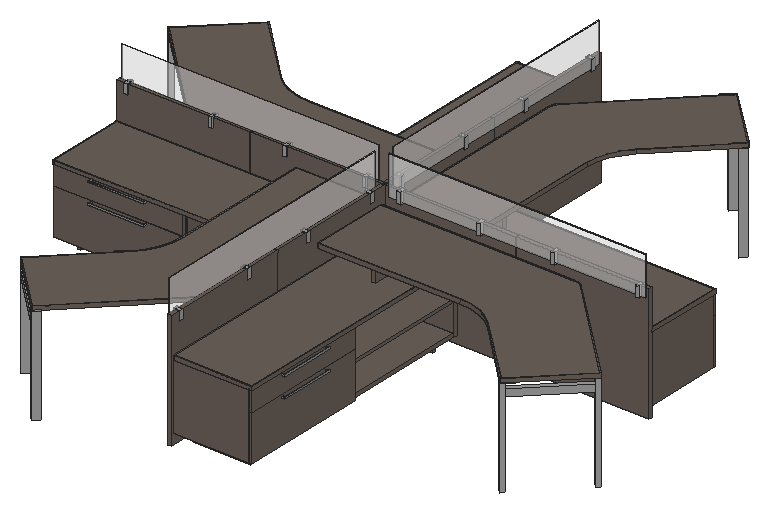
Revit family "STAKS014", category Furniture, Revit 2013 (continued)
Definition of nested family "FIRST OFFICE-STAKS-PEDESTALS-LOW HEIGHT W-I BEAM-16W TO 36W"
  Dimensions and locks (in)
    aligned and locked: Extrusion 5 to plane 15
    aligned and locked: Extrusion 6 sketch curve to plane 16
    aligned and locked: Extrusion 6 sketch curve to plane 14
    aligned and locked: plane 15 to Extrusion 6 sketch curve
    aligned and locked: plane 11 to Extrusion 6 sketch curve
    aligned and locked: Extrusion 7 to plane 16
    aligned and locked: plane 15 to Extrusion 7
    aligned and locked: Extrusion 6 to Extrusion 7
    aligned and locked: Extrusion 4 to plane 17 "BACK"
    aligned and locked: Extrusion 5 to plane 18
    aligned and locked: Extrusion 8 to Extrusion 9
    aligned and locked: Extrusion 10 to Extrusion 11
    aligned: Extrusion 11 to Extrusion 10
    aligned: Extrusion 11 to plane 1
    aligned and locked: Extrusion 12 to plane 12
    aligned and locked: Extrusion 9 to plane 16
    aligned and locked: plane 15 to Extrusion 9
    aligned and locked: Extrusion 12 to plane 5 "CABINET FRONT"
    aligned and locked: plane 7 "DRAWER FRONT" to Extrusion 12
    aligned and locked: plane 9 to Extrusion 12
    aligned and locked: Extrusion 12 to plane 8
    aligned and locked: plane 5 "CABINET FRONT" to Extrusion 13
    aligned and locked: Extrusion 13 to Extrusion 11
    aligned and locked: Extrusion 14 to plane 16
    aligned and locked: plane 15 to Extrusion 14
    aligned and locked: Extrusion 14 to Extrusion 13
    aligned and locked: Extrusion 14 to plane 17 "BACK"
    aligned and locked: Masking region 3 to Extrusion 15  (x2)
    aligned and locked: Masking region 4 to Extrusion 16  (x2)
    aligned and locked: Extrusion 17 to Extrusion 14
    aligned and locked: plane 5 "CABINET FRONT" to Extrusion 17
    aligned and locked: Extrusion 18 to plane 8
    aligned and locked: plane 9 to Extrusion 19
    aligned and locked: Extrusion 19 to plane 22
    aligned and locked: plane 21 to Extrusion 18
    aligned and locked: Extrusion 18 to plane 10
    aligned and locked: Extrusion 19 to plane 10
    aligned: plane 11 to Extrusion 19
    aligned: plane 11 to Extrusion 18
    aligned and locked: Extrusion 18 to plane 5 "CABINET FRONT"
    aligned and locked: Extrusion 19 to plane 5 "CABINET FRONT"
    aligned and locked: plane 7 "DRAWER FRONT" to Extrusion 18
    aligned and locked: plane 7 "DRAWER FRONT" to Extrusion 19
    aligned and locked: Extrusion 21 to plane 16
    aligned and locked: plane 15 to Extrusion 21
    aligned and locked: plane 15 to cut or joined group of Extrusion 17, Extrusion 20, Extrusion 21
    aligned and locked: cut or joined group of Extrusion 17, Extrusion 20, Extrusion 21 to plane 16
    aligned and locked: plane 11 to Extrusion 22
    aligned and locked: Extrusion 22 to plane 14
    aligned and locked: Extrusion 22 to Extrusion 14
    aligned and locked: plane 5 "CABINET FRONT" to Extrusion 22
    aligned and locked: cut or joined group of Extrusion 21, Extrusion 22 to plane 16
    aligned and locked: plane 15 to cut or joined group of Extrusion 21, Extrusion 22
    aligned and locked: plane 14 to Extrusion 23
    aligned and locked: Extrusion 23 to cut or joined group of Extrusion 17, Extrusion 20, Extrusion 21
    aligned and locked: cut or joined group of Extrusion 21, Extrusion 22 to Extrusion 23
    aligned and locked: Extrusion 24 to plane 16
    aligned and locked: plane 15 to Extrusion 24
    aligned and locked: Extrusion 24 to Extrusion 14
    aligned: cut or joined group of Extrusion 17, Extrusion 20, Extrusion 21 to plane 1
    aligned and locked: Extrusion 25 to Extrusion 14
    aligned and locked: Extrusion 1 to plane 5 "CABINET FRONT"
    aligned: Extrusion 25 to plane 1
    aligned and locked: Extrusion 25 to cut or joined group of Extrusion 17, Extrusion 20, Extrusion 21
    aligned and locked: Extrusion 30 to Extrusion 14
    aligned and locked: plane 5 "CABINET FRONT" to Extrusion 30
    aligned and locked: Extrusion 30 to plane 16
    aligned and locked: plane 15 to Extrusion 30
    aligned and locked: plane 6 "PEDESTAL TOP" to Extrusion 30
    aligned and locked: Extrusion 30 to plane 27
    aligned: Extrusion 28 to plane 1
    aligned and locked: plane 6 "PEDESTAL TOP" to Extrusion 28
    aligned and locked: plane 6 "PEDESTAL TOP" to Extrusion 27
    aligned: Extrusion 27 to plane 1
    aligned: Extrusion 29 to plane 1
    aligned and locked: plane 6 "PEDESTAL TOP" to Extrusion 29
    aligned and locked: Extrusion 28 to plane 17 "BACK"
    aligned and locked: plane 5 "CABINET FRONT" to Extrusion 28
    aligned and locked: plane 5 "CABINET FRONT" to Extrusion 27
    aligned and locked: Extrusion 27 to plane 17 "BACK"
    aligned and locked: Extrusion 29 to plane 16
    aligned and locked: plane 15 to Extrusion 29
    aligned and locked: Extrusion 28 to plane 15
    aligned and locked: plane 4 "Right" to Extrusion 28
    aligned and locked: plane 16 to Extrusion 27
    aligned and locked: Extrusion 27 to plane 3 "Left"
    aligned and locked: Extrusion 29 to Extrusion 30
    aligned and locked: Extrusion 29 to plane 17 "BACK"
    aligned and locked: plane 6 "PEDESTAL TOP" to Extrusion 18
    aligned and locked: plane 6 "PEDESTAL TOP" to Extrusion 19
    aligned and locked: plane 6 "PEDESTAL TOP" to Extrusion 12
    aligned and locked: plane 6 "PEDESTAL TOP" to Extrusion 31
    aligned: Extrusion 31 to plane 1
    aligned: Extrusion 32 to plane 1
    aligned and locked: plane 6 "PEDESTAL TOP" to Extrusion 32
    aligned and locked: plane 6 "PEDESTAL TOP" to Extrusion 33
    aligned: Extrusion 33 to plane 1
    aligned and locked: plane 5 "CABINET FRONT" to Extrusion 31
    aligned and locked: plane 5 "CABINET FRONT" to Extrusion 32
    aligned and locked: Extrusion 32 to plane 17 "BACK"
    aligned and locked: plane 15 to Extrusion 33
    aligned and locked: Extrusion 33 to plane 16
    aligned and locked: Extrusion 31 to plane 17 "BACK"
    aligned and locked: plane 16 to Extrusion 31
    aligned and locked: Extrusion 33 to Extrusion 30
    aligned and locked: Extrusion 33 to plane 17 "BACK"
    aligned and locked: Extrusion 32 to plane 15
    aligned and locked: plane 4 "Right" to Extrusion 32
    aligned and locked: Extrusion 26 to Extrusion 34
    aligned and locked: Extrusion 34 to Extrusion 26
    aligned and locked: Extrusion 35 to plane 25
    aligned and locked: plane 26 to Extrusion 35
    aligned and locked: Extrusion 29 to plane 28
    aligned and locked: Extrusion 11 to plane 28
    aligned and locked: Extrusion 10 to plane 28
    aligned and locked: Extrusion 33 to plane 28
    aligned and locked: Extrusion 25 to plane 28
    aligned and locked: Extrusion 31 to plane 28
    aligned and locked: Extrusion 28 to plane 28
    aligned and locked: Extrusion 27 to plane 28
    aligned and locked: Extrusion 2 to plane 28
    aligned and locked: cut or joined group of Extrusion 17, Extrusion 20, Extrusion 21 to plane 28
    aligned and locked: Extrusion 32 to plane 28
  Automatic sketch dimensions
    Extrusion 1 sketch curve to plane 7 "DRAWER FRONT" = 0' - 0"
    Extrusion 1 sketch curve to plane 5 "CABINET FRONT" = 0' - 0"
    level to Extrusion 2 sketch curve = 0' - 3"
    Extrusion 2 sketch curve to plane 3 "Left" = 0' - 0"
    Extrusion 2 sketch curve to plane 11 = 0' - 0"
    Extrusion 2 sketch curve to plane 16 = 0' - 0"
    Extrusion 3 sketch curve to plane 11 = 0' - 0"
    Extrusion 3 sketch curve to plane 19 = 0' - 0"
    Extrusion 3 sketch curve to plane 6 "PEDESTAL TOP" = 0' - 0"
    Extrusion 3 sketch curve to plane 16 = 0' - 0"
    level to Extrusion 4 sketch curve = 0' - 3"
    Extrusion 4 sketch curve to plane 15 = 0' - 0"
    Extrusion 4 sketch curve to plane 4 "Right" = 0' - 0"
    Extrusion 4 sketch curve to plane 11 = 0' - 0"
    Extrusion 5 sketch curve to plane 11 = 0' - 0"
    Extrusion 5 sketch curve to plane 15 = 0' - 0"
    Extrusion 5 sketch curve to plane 6 "PEDESTAL TOP" = 0' - 0"
    Extrusion 5 sketch curve to plane 20 = 0' - 0"
    Extrusion 7 sketch curve to plane 11 = 0' - 0"
    Extrusion 7 sketch curve to plane 6 "PEDESTAL TOP" = 0' - 0"
    Extrusion 7 sketch curve to plane 5 "CABINET FRONT" = 0' - 3"
    Extrusion 7 sketch curve to Extrusion 7 sketch curve = 0' - 0 5/8"
    Extrusion 8 sketch curve to plane 14 = 0' - 0"
    Extrusion 8 sketch curve to plane 16 = 0' - 0"
    Extrusion 8 sketch curve to plane 11 = 0' - 0"
    Extrusion 8 sketch curve to plane 15 = 0' - 0"
    Extrusion 9 sketch curve to plane 11 = 0' - 0"
    Extrusion 9 sketch curve to plane 6 "PEDESTAL TOP" = 0' - 0"
    plane 18 to Extrusion 9 sketch curve = 0' - 6.87495"
    Extrusion 9 sketch curve to Extrusion 9 sketch curve = 0' - 0 5/8"
    level to Extrusion 10 sketch curve = 0' - 3"
    Extrusion 10 sketch curve to plane 16 = 0' - 0"
    Extrusion 10 sketch curve to plane 15 = 0' - 0"
    plane 10 to Extrusion 10 sketch curve = 0' - 0 11/16"
    level to Extrusion 11 sketch curve = 0' - 3"
    Extrusion 11 sketch curve to plane 16 = 0' - 0"
    Extrusion 11 sketch curve to plane 15 = 0' - 0"
    plane 10 to Extrusion 11 sketch curve = 0' - 0 11/16"
    Extrusion 12 sketch curve to plane 6 "PEDESTAL TOP" = 0' - 0"
    Extrusion 12 sketch curve to plane 7 "DRAWER FRONT" = 0' - 0"
    Extrusion 12 sketch curve to plane 5 "CABINET FRONT" = 0' - 0"
    Extrusion 12 sketch curve to plane 12 = 0' - 0"
    Extrusion 13 sketch curve to plane 16 = 0' - 0"
    Extrusion 13 sketch curve to plane 15 = 0' - 0"
    Extrusion 13 sketch curve to plane 13 = 0' - 0.37505"
    plane 12 to Extrusion 13 sketch curve = 0' - 0.24995"
    level to Extrusion 14 sketch curve = 0' - 3"
    Extrusion 14 sketch curve to plane 11 = 0' - 0"
    Extrusion 14 sketch curve to plane 17 "BACK" = 0' - 0"
    plane 18 to Extrusion 14 sketch curve = 0' - 0 5/8"
    plane 7 "DRAWER FRONT" to Masking region 1 sketch curve = 0' - 0"
    Masking region 1 sketch curve to plane 8 = 0' - 0"
    plane 5 "CABINET FRONT" to Masking region 1 sketch curve = 0' - 0"
    Masking region 1 sketch curve to plane 9 = 0' - 0"
    Masking region 2 sketch curve to plane 3 "Left" = 0' - 0"
    Masking region 2 sketch curve to plane 4 "Right" = 0' - 0"
    plane 5 "CABINET FRONT" to Masking region 2 sketch curve = 0' - 0"
    plane 17 "BACK" to Masking region 2 sketch curve = 0' - 0"
    plane 7 "DRAWER FRONT" to Masking region 3 sketch curve = 0' - 0"  (x2)
    plane 25 to Masking region 3 sketch curve = 0' - 0 7/8"
    Masking region 3 sketch curve to Masking region 3 sketch curve = 0' - 0 3/8"  (x2)
    plane 7 "DRAWER FRONT" to Masking region 3 sketch curve = 0' - 0 13/16"
    plane 23 to Masking region 3 sketch curve = 0' - 2 11/32"
    Masking region 3 sketch curve to Masking region 3 sketch curve = 0' - 0 3/16"
    plane 7 "DRAWER FRONT" to Extrusion 15 sketch curve = 0' - 0"  (x2)
    plane 25 to Extrusion 15 sketch curve = 0' - 0 7/8"
    Extrusion 15 sketch curve to Extrusion 15 sketch curve = 0' - 0 3/8"  (x2)
    plane 7 "DRAWER FRONT" to Extrusion 15 sketch curve = 0' - 0 13/16"
    plane 23 to Extrusion 15 sketch curve = 0' - 2 11/32"
    Extrusion 15 sketch curve to Extrusion 15 sketch curve = 0' - 0 3/16"
    plane 7 "DRAWER FRONT" to Masking region 4 sketch curve = 0' - 0"  (x2)
    Masking region 4 sketch curve to plane 24 = 0' - 2 23/32"
    Masking region 4 sketch curve to Masking region 4 sketch curve = 0' - 0 3/8"  (x2)
    Masking region 4 sketch curve to plane 26 = 0' - 1.25025"
    Masking region 4 sketch curve to Masking region 4 sketch curve = 0' - 0 13/16"
    Masking region 4 sketch curve to Masking region 4 sketch curve = 0' - 0 3/16"
    plane 7 "DRAWER FRONT" to Extrusion 16 sketch curve = 0' - 0"  (x2)
    Extrusion 16 sketch curve to plane 24 = 0' - 2 23/32"
    Extrusion 16 sketch curve to Extrusion 16 sketch curve = 0' - 0 3/8"  (x2)
    Extrusion 16 sketch curve to plane 26 = 0' - 1.25025"
    Extrusion 16 sketch curve to Extrusion 16 sketch curve = 0' - 0 13/16"
    Extrusion 16 sketch curve to Extrusion 16 sketch curve = 0' - 0 3/16"
    level to Extrusion 17 sketch curve = 0' - 3"
    Extrusion 17 sketch curve to plane 16 = 0' - 0"
    Extrusion 17 sketch curve to plane 15 = 0' - 0"
    plane 10 to Extrusion 17 sketch curve = 0' - 0 15/16"
    Extrusion 18 sketch curve to plane 6 "PEDESTAL TOP" = 0' - 0"
    Extrusion 18 sketch curve to plane 7 "DRAWER FRONT" = 0' - 0"
    Extrusion 18 sketch curve to plane 5 "CABINET FRONT" = 0' - 0"
    Extrusion 18 sketch curve to plane 10 = 0' - 0"
    Extrusion 19 sketch curve to plane 6 "PEDESTAL TOP" = 0' - 0"
    Extrusion 19 sketch curve to plane 7 "DRAWER FRONT" = 0' - 0"
    Extrusion 19 sketch curve to plane 5 "CABINET FRONT" = 0' - 0"
    Extrusion 19 sketch curve to plane 10 = 0' - 0"
    plane 7 "DRAWER FRONT" to Masking region 5 sketch curve = 0' - 0"
    Masking region 5 sketch curve to plane 8 = 0' - 0"
    plane 5 "CABINET FRONT" to Masking region 5 sketch curve = 0' - 0"
    Masking region 5 sketch curve to plane 21 = 0' - 0"
    Extrusion 20 sketch curve to plane 5 "CABINET FRONT" = 0' - 0 3/8"
    Extrusion 20 sketch curve to Extrusion 20 sketch curve = 0' - 0 5/16"
    plane 10 to Extrusion 20 sketch curve = 0' - 0 9/16"
    Extrusion 20 sketch curve to Extrusion 20 sketch curve = 0' - 0 3/8"
    Extrusion 21 sketch curve to plane 14 = 0' - 0"
    Extrusion 21 sketch curve to plane 5 "CABINET FRONT" = 0' - 0 3/8"
    Extrusion 21 sketch curve to Extrusion 21 sketch curve = 0' - 0 5/16"
    plane 27 to Extrusion 21 sketch curve = 0' - 0 1/4"
    Extrusion 22 sketch curve to plane 14 = 0' - 0"
    Extrusion 22 sketch curve to plane 16 = 0' - 0"
    Extrusion 22 sketch curve to plane 11 = 0' - 0"
    Extrusion 22 sketch curve to plane 15 = 0' - 0"
    Extrusion 23 sketch curve to plane 14 = 0' - 0"
    Extrusion 23 sketch curve to plane 21 = 0' - 0 5/16"
    plane 22 to Extrusion 23 sketch curve = 0' - 0 5/16"
    plane 10 to Extrusion 23 sketch curve = 0' - 0 15/16"
    Extrusion 24 sketch curve to plane 16 = 0' - 0"
    Extrusion 24 sketch curve to plane 15 = 0' - 0"
    Extrusion 24 sketch curve to plane 13 = 0' - 3.87495"
    Extrusion 24 sketch curve to Extrusion 24 sketch curve = 0' - 0 3/4"
    level to Extrusion 25 sketch curve = 0' - 3"
    Extrusion 25 sketch curve to plane 16 = 0' - 0"
    Extrusion 25 sketch curve to plane 15 = 0' - 0"
    plane 10 to Extrusion 25 sketch curve = 0' - 0 15/16"
    plane 7 "DRAWER FRONT" to Masking region 6 sketch curve = 0' - 0"
    Masking region 6 sketch curve to plane 22 = 0' - 0"
    plane 5 "CABINET FRONT" to Masking region 6 sketch curve = 0' - 0"
    Masking region 6 sketch curve to plane 9 = 0' - 0"
    plane 7 "DRAWER FRONT" to Extrusion 26 sketch curve = 0' - 0"  (x2)
    Extrusion 26 sketch curve to plane 21 = 0' - 2 21/32"
    Extrusion 26 sketch curve to Extrusion 26 sketch curve = 0' - 0 3/8"  (x2)
    plane 7 "DRAWER FRONT" to Extrusion 26 sketch curve = 0' - 0 13/16"
    plane 22 to Extrusion 26 sketch curve = 0' - 2 9/32"
    Extrusion 26 sketch curve to Extrusion 26 sketch curve = 0' - 0 3/16"
    level to Extrusion 27 sketch curve = 0' - 3"
    Extrusion 27 sketch curve to plane 3 "Left" = 0' - 0"
    Extrusion 27 sketch curve to plane 6 "PEDESTAL TOP" = 0' - 0"
    Extrusion 27 sketch curve to plane 16 = 0' - 0"
    level to Extrusion 28 sketch curve = 0' - 3"
    Extrusion 28 sketch curve to plane 15 = 0' - 0"
    Extrusion 28 sketch curve to plane 4 "Right" = 0' - 0"
    Extrusion 28 sketch curve to plane 6 "PEDESTAL TOP" = 0' - 0"
    level to Extrusion 29 sketch curve = 0' - 3"
    Extrusion 29 sketch curve to plane 6 "PEDESTAL TOP" = 0' - 0"
    Extrusion 29 sketch curve to plane 17 "BACK" = 0' - 0"
    plane 18 to Extrusion 29 sketch curve = 0' - 0 5/8"
    Extrusion 30 sketch curve to plane 16 = 0' - 0"
    Extrusion 30 sketch curve to plane 6 "PEDESTAL TOP" = 0' - 0"
    Extrusion 30 sketch curve to plane 15 = 0' - 0"
    Extrusion 30 sketch curve to plane 27 = 0' - 0"
    level to Extrusion 31 sketch curve = 0' - 3"
    Extrusion 31 sketch curve to plane 3 "Left" = 0' - 0"
    Extrusion 31 sketch curve to plane 6 "PEDESTAL TOP" = 0' - 0"
    Extrusion 31 sketch curve to plane 16 = 0' - 0"
    level to Extrusion 32 sketch curve = 0' - 3"
    Extrusion 32 sketch curve to plane 15 = 0' - 0"
    Extrusion 32 sketch curve to plane 4 "Right" = 0' - 0"
    Extrusion 32 sketch curve to plane 6 "PEDESTAL TOP" = 0' - 0"
    level to Extrusion 33 sketch curve = 0' - 3"
    Extrusion 33 sketch curve to plane 6 "PEDESTAL TOP" = 0' - 0"
    Extrusion 33 sketch curve to plane 17 "BACK" = 0' - 0"
    plane 18 to Extrusion 33 sketch curve = 0' - 0 5/8"
    plane 7 "DRAWER FRONT" to Extrusion 34 sketch curve = 0' - 0"  (x2)
    Extrusion 34 sketch curve to plane 21 = 0' - 2 21/32"
    Extrusion 34 sketch curve to Extrusion 34 sketch curve = 0' - 0 3/8"  (x2)
    plane 7 "DRAWER FRONT" to Extrusion 34 sketch curve = 0' - 0 13/16"
    plane 22 to Extrusion 34 sketch curve = 0' - 2 9/32"
    Extrusion 34 sketch curve to Extrusion 34 sketch curve = 0' - 0 3/16"
    plane 7 "DRAWER FRONT" to Extrusion 35 sketch curve = 0' - 0"  (x2)
    Extrusion 35 sketch curve to plane 25 = 0' - 0"
    Extrusion 35 sketch curve to plane 26 = 0' - 0"
    plane 25 to Extrusion 35 sketch curve = 0' - 0 3/8"
    Extrusion 35 sketch curve to plane 26 = 0' - 0 3/8"
    Extrusion 35 sketch curve to Extrusion 35 sketch curve = 0' - 0 13/16"
    Extrusion 35 sketch curve to Extrusion 35 sketch curve = 0' - 0 3/16"
    plane 7 "DRAWER FRONT" to Extrusion 36 sketch curve = 0' - 0"  (x2)
    Extrusion 36 sketch curve to plane 25 = 0' - 0"
    Extrusion 36 sketch curve to plane 26 = 0' - 0"
    plane 25 to Extrusion 36 sketch curve = 0' - 0 3/8"
    Extrusion 36 sketch curve to plane 26 = 0' - 0 3/8"
    Extrusion 36 sketch curve to Extrusion 36 sketch curve = 0' - 0 13/16"
    Extrusion 36 sketch curve to Extrusion 36 sketch curve = 0' - 0 3/16"
    Masking region 7 sketch curve to plane 25 = 0' - 0"
    plane 7 "DRAWER FRONT" to Masking region 7 sketch curve = 0' - 0"  (x2)
    Masking region 7 sketch curve to plane 26 = 0' - 0"
    Masking region 7 sketch curve to Masking region 7 sketch curve = 0' - 0 3/8"
    Masking region 7 sketch curve to plane 26 = 0' - 0 3/8"
    Masking region 7 sketch curve to Masking region 7 sketch curve = 0' - 0 13/16"
    Masking region 7 sketch curve to Masking region 7 sketch curve = 0' - 0 3/16"
    plane 7 "DRAWER FRONT" to Masking region 8 sketch curve = 0' - 0"  (x2)
    plane 23 to Masking region 8 sketch curve = 0' - 1 7/16"
    Masking region 8 sketch curve to Masking region 8 sketch curve = 0' - 0 3/8"  (x2)
    plane 7 "DRAWER FRONT" to Masking region 8 sketch curve = 0' - 0 13/16"
    Masking region 8 sketch curve to plane 24 = 0' - 1.81225"
    Masking region 8 sketch curve to Masking region 8 sketch curve = 0' - 0 3/16"
Definition of nested family "FIRST OFFICE-STAKS-WORKSURFACE-RECTANGULAR LONG-GRAIN"
  Parameters (values of type "FIRST OFFICE-STAKS-WORKSURFACE-RECTANGULAR LG 15.625 X 22")
    URL = "http://www.firstoffice.com/products/crossover/staks/"
    SURFACE DEPTH = 1' - 10"
    Model = "6-MCT-15.625/22"
    Manufacturer = "FIRST OFFICE-STAKS"
    MANUFACTURERS' CODE = "FOF"
    ENVIRONMENTAL = "http://www.firstoffice.com/products/crossover/staks/"
    Description = "15.625 X 22 RECTANGULAR WORKSURFACE LONG GRAIN"
    SURFACE WIDTH = 1' - 3 5/8"
    CATALOG CODE = "FST"
    Assembly Code = ""
  Types (53): name | SURFACE DEPTH | Model | Description | SURFACE WIDTH
    FIRST OFFICE-STAKS-WORKSURFACE-RECTANGULAR LG 15.625 X 22 | 1' - 10" | "6-MCT-15.625/22" | "15.625 X 22 RECTANGULAR WORKSURFACE LONG GRAIN" | 1' - 3 5/8"
    FIRST OFFICE-STAKS-WORKSURFACE-RECTANGULAR LG 24 X 22 | 1' - 10" | "6-MCT-24/22" | "24 X 22 RECTANGULAR WORKSURFACE LONG GRAIN" | 2' - 0"
    FIRST OFFICE-STAKS-WORKSURFACE-RECTANGULAR LG 30 X 22 | 1' - 10" | "6-MCT-30/22" | "30 X 22 RECTANGULAR WORKSURFACE LONG GRAIN" | 2' - 6"
    FIRST OFFICE-STAKS-WORKSURFACE-RECTANGULAR LG 34 X 22 | 1' - 10" | "6-MCT-34/22" | "34 X 22 RECTANGULAR WORKSURFACE LONG GRAIN" | 2' - 10"
    FIRST OFFICE-STAKS-WORKSURFACE-RECTANGULAR LG 36 X 22 | 1' - 10" | "6-MCT-36/22" | "36 X 22 RECTANGULAR WORKSURFACE LONG GRAIN" | 3' - 0"
    FIRST OFFICE-STAKS-WORKSURFACE-RECTANGULAR LG 42 X 22 | 1' - 10" | "6-MCT-42/22" | "42 X 22 RECTANGULAR WORKSURFACE LONG GRAIN" | 3' - 6"
    FIRST OFFICE-STAKS-WORKSURFACE-RECTANGULAR LG 48 X 22 | 1' - 10" | "6-MCT-48/22" | "48 X 22 RECTANGULAR WORKSURFACE LONG GRAIN" | 4' - 0"
    FIRST OFFICE-STAKS-WORKSURFACE-RECTANGULAR LG 48.5 X 22 | 1' - 10" | "6-MCT-48.5/22" | "48.5 X 22 RECTANGULAR WORKSURFACE LONG GRAIN" | 4' - 0 1/2"
    FIRST OFFICE-STAKS-WORKSURFACE-RECTANGULAR LG 54 X 22 | 1' - 10" | "6-MCT-54/22" | "54 X 22 RECTANGULAR WORKSURFACE LONG GRAIN" | 4' - 6"
    FIRST OFFICE-STAKS-WORKSURFACE-RECTANGULAR LG 55.5 X 22 | 1' - 10" | "6-MCT-55.5/22" | "55.5 X 22 RECTANGULAR WORKSURFACE LONG GRAIN" | 4' - 7 1/2"
    FIRST OFFICE-STAKS-WORKSURFACE-RECTANGULAR LG 59 X 22 | 1' - 10" | "6-MCT-59/22" | "59 X 22 RECTANGULAR WORKSURFACE LONG GRAIN" | 4' - 11"
    FIRST OFFICE-STAKS-WORKSURFACE-RECTANGULAR LG 60 X 22 | 1' - 10" | "6-MCT-60/22" | "60 X 22 RECTANGULAR WORKSURFACE LONG GRAIN" | 5' - 0"
    FIRST OFFICE-STAKS-WORKSURFACE-RECTANGULAR LG 66 X 22 | 1' - 10" | "6-MCT-66/22" | "66 X 22 RECTANGULAR WORKSURFACE LONG GRAIN" | 5' - 6"
    FIRST OFFICE-STAKS-WORKSURFACE-RECTANGULAR LG 69.625 X 22 | 1' - 10" | "6-MCT-69.625/22" | "69.625 X 22 RECTANGULAR WORKSURFACE LONG GRAIN" | 5' - 9 5/8"
    FIRST OFFICE-STAKS-WORKSURFACE-RECTANGULAR LG 70.5 X 22 | 1' - 10" | "6-MCT-70.5/22" | "70.5 X 22 RECTANGULAR WORKSURFACE LONG GRAIN" | 5' - 10 1/2"
    FIRST OFFICE-STAKS-WORKSURFACE-RECTANGULAR LG 72 X 22 | 1' - 10" | "6-MCT-72/22" | "72 X 22 RECTANGULAR WORKSURFACE LONG GRAIN" | 6' - 0"
    FIRST OFFICE-STAKS-WORKSURFACE-RECTANGULAR LG 78 X 22 | 1' - 10" | "6-MCT-78/22" | "78 X 22 RECTANGULAR WORKSURFACE LONG GRAIN" | 6' - 6"
    FIRST OFFICE-STAKS-WORKSURFACE-RECTANGULAR LG 82.5 X 22 | 1' - 10" | "6-MCT-82.5/22" | "82.5 X 22 RECTANGULAR WORKSURFACE LONG GRAIN" | 6' - 10 1/2"
    FIRST OFFICE-STAKS-WORKSURFACE-RECTANGULAR LG 84 X 22 | 1' - 10" | "6-MCT-84/22" | "84 X 22 RECTANGULAR WORKSURFACE LONG GRAIN" | 7' - 0"
    FIRST OFFICE-STAKS-WORKSURFACE-RECTANGULAR LG 87.625 X 22 | 1' - 10" | "6-MCT-87.625/22" | "87.625 X 22 RECTANGULAR WORKSURFACE LONG GRAIN" | 7' - 3 5/8"
    FIRST OFFICE-STAKS-WORKSURFACE-RECTANGULAR LG 90 X 22 | 1' - 10" | "6-MCT-90/22" | "90 X 22 RECTANGULAR WORKSURFACE LONG GRAIN" | 7' - 6"
    FIRST OFFICE-STAKS-WORKSURFACE-RECTANGULAR LG 94 X 22 | 1' - 10" | "6-MCT-94/22" | "94 X 22 RECTANGULAR WORKSURFACE LONG GRAIN" | 7' - 10"
    FIRST OFFICE-STAKS-WORKSURFACE-RECTANGULAR LG 96 X 22 | 1' - 10" | "6-MCT-96/22" | "96 X 22 RECTANGULAR WORKSURFACE LONG GRAIN" | 8' - 0"
    FIRST OFFICE-STAKS-WORKSURFACE-RECTANGULAR LG 24 X 14 | 1' - 2" | "6-MCT-24/14" | "24 X 14 RECTANGULAR WORKSURFACE LONG GRAIN" | 2' - 0"
    FIRST OFFICE-STAKS-WORKSURFACE-RECTANGULAR LG 30 X 14 | 1' - 2" | "6-MCT-30/14" | "30 X 14 RECTANGULAR WORKSURFACE LONG GRAIN" | 2' - 6"
    FIRST OFFICE-STAKS-WORKSURFACE-RECTANGULAR LG 34 X 14 | 1' - 2" | "6-MCT-34/14" | "34 X 14 RECTANGULAR WORKSURFACE LONG GRAIN" | 2' - 10"
    FIRST OFFICE-STAKS-WORKSURFACE-RECTANGULAR LG 36 X 14 | 1' - 2" | "6-MCT-36/14" | "36 X 14 RECTANGULAR WORKSURFACE LONG GRAIN" | 3' - 0"
    FIRST OFFICE-STAKS-WORKSURFACE-RECTANGULAR LG 42 X 14 | 1' - 2" | "6-MCT-42/14" | "42 X 14 RECTANGULAR WORKSURFACE LONG GRAIN" | 3' - 6"
    FIRST OFFICE-STAKS-WORKSURFACE-RECTANGULAR LG 48 X 14 | 1' - 2" | "6-MCT-48/14" | "48 X 14 RECTANGULAR WORKSURFACE LONG GRAIN" | 4' - 0"
    FIRST OFFICE-STAKS-WORKSURFACE-RECTANGULAR LG 48.5 X 14 | 1' - 2" | "6-MCT-48.5/14" | "48.5 X 14 RECTANGULAR WORKSURFACE LONG GRAIN" | 4' - 0 1/2"
    FIRST OFFICE-STAKS-WORKSURFACE-RECTANGULAR LG 54 X 14 | 1' - 2" | "6-MCT-54/14" | "54 X 14 RECTANGULAR WORKSURFACE LONG GRAIN" | 4' - 6"
    FIRST OFFICE-STAKS-WORKSURFACE-RECTANGULAR LG 55.5 X 14 | 1' - 2" | "6-MCT-55.5/14" | "55.5 X 14 RECTANGULAR WORKSURFACE LONG GRAIN" | 4' - 7 1/2"
    FIRST OFFICE-STAKS-WORKSURFACE-RECTANGULAR LG 59 X 14 | 1' - 2" | "6-MCT-59/14" | "59 X 14 RECTANGULAR WORKSURFACE LONG GRAIN" | 4' - 11"
    FIRST OFFICE-STAKS-WORKSURFACE-RECTANGULAR LG 60 X 14 | 1' - 2" | "6-MCT-60/14" | "60 X 14 RECTANGULAR WORKSURFACE LONG GRAIN" | 5' - 0"
    FIRST OFFICE-STAKS-WORKSURFACE-RECTANGULAR LG 66 X 4 | 1' - 2" | "6-MCT-66/14" | "66 X 14 RECTANGULAR WORKSURFACE LONG GRAIN" | 5' - 6"
    FIRST OFFICE-STAKS-WORKSURFACE-RECTANGULAR LG 69.625 X 14 | 1' - 2" | "6-MCT-69.625/14" | "69.625 X 14 RECTANGULAR WORKSURFACE LONG GRAIN" | 5' - 9 5/8"
    FIRST OFFICE-STAKS-WORKSURFACE-RECTANGULAR LG 70.5 X 14 | 1' - 2" | "6-MCT-70.5/14" | "70.5 X 14 RECTANGULAR WORKSURFACE LONG GRAIN" | 5' - 10 1/2"
    FIRST OFFICE-STAKS-WORKSURFACE-RECTANGULAR LG 72 X 14 | 1' - 2" | "6-MCT-72/14" | "72 X 14 RECTANGULAR WORKSURFACE LONG GRAIN" | 6' - 0"
    FIRST OFFICE-STAKS-WORKSURFACE-RECTANGULAR LG 78 X 14 | 1' - 2" | "6-MCT-78/14" | "78 X 14 RECTANGULAR WORKSURFACE LONG GRAIN" | 6' - 6"
    FIRST OFFICE-STAKS-WORKSURFACE-RECTANGULAR LG 80 X 14 | 1' - 2" | "6-MCT-80/14" | "80 X 14 RECTANGULAR WORKSURFACE LONG GRAIN" | 6' - 8"
    FIRST OFFICE-STAKS-WORKSURFACE-RECTANGULAR LG 82.5 X 14 | 1' - 2" | "6-MCT-82.5/14" | "82.5 X 14 RECTANGULAR WORKSURFACE LONG GRAIN" | 6' - 10 1/2"
    FIRST OFFICE-STAKS-WORKSURFACE-RECTANGULAR LG 84 X 14 | 1' - 2" | "6-MCT-84/14" | "84 X 14 RECTANGULAR WORKSURFACE LONG GRAIN" | 7' - 0"
    FIRST OFFICE-STAKS-WORKSURFACE-RECTANGULAR LG 87.625 X 14 | 1' - 2" | "6-MCT-87.625/14" | "87.625 X 14 RECTANGULAR WORKSURFACE LONG GRAIN" | 7' - 3 5/8"
    FIRST OFFICE-STAKS-WORKSURFACE-RECTANGULAR LG 90 X 14 | 1' - 2" | "6-MCT-90/14" | "90 X 14 RECTANGULAR WORKSURFACE LONG GRAIN" | 7' - 6"
    FIRST OFFICE-STAKS-WORKSURFACE-RECTANGULAR LG 94 X 14 | 1' - 2" | "6-MCT-94/14" | "94 X 14 RECTANGULAR WORKSURFACE LONG GRAIN" | 7' - 10"
    FIRST OFFICE-STAKS-WORKSURFACE-RECTANGULAR LG 96 X 14 | 1' - 2" | "6-MCT-96/14" | "96 X 14 RECTANGULAR WORKSURFACE LONG GRAIN" | 8' - 0"
    FIRST OFFICE-STAKS-WORKSURFACE-RECTANGULAR LG 60 X 36 | 3' - 0" | "6-MCT-60/36" | "60 X 36 RECTANGULAR WORKSURFACE LONG GRAIN" | 5' - 0"
    FIRST OFFICE-STAKS-WORKSURFACE-RECTANGULAR LG 66 X 36 | 3' - 0" | "6-MCT-66/36" | "66 X 36 RECTANGULAR WORKSURFACE LONG GRAIN" | 5' - 6"
    FIRST OFFICE-STAKS-WORKSURFACE-RECTANGULAR LG 72 X 36 | 3' - 0" | "6-MCT-72/36" | "72 X 36 RECTANGULAR WORKSURFACE LONG GRAIN" | 6' - 0"
    FIRST OFFICE-STAKS-WORKSURFACE-RECTANGULAR LG 54 X 30 | 2' - 6" | "6-MCT-54/30" | "54 X 30 RECTANGULAR WORKSURFACE LONG GRAIN" | 4' - 6"
    FIRST OFFICE-STAKS-WORKSURFACE-RECTANGULAR LG 60 X 30 | 2' - 6" | "6-MCT-60/30" | "60 X 30 RECTANGULAR WORKSURFACE LONG GRAIN" | 5' - 0"
    FIRST OFFICE-STAKS-WORKSURFACE-RECTANGULAR LG 66 X 30 | 2' - 6" | "6-MCT-66/30" | "66 X 30 RECTANGULAR WORKSURFACE LONG GRAIN" | 5' - 6"
    FIRST OFFICE-STAKS-WORKSURFACE-RECTANGULAR LG 72 X 30 | 2' - 6" | "6-MCT-72/30" | "72 X 30 RECTANGULAR WORKSURFACE LONG GRAIN" | 6' - 0"
  Reference planes (in)
    plane 1: z = -0.125
    plane 2 "LEFT": x = 7.55498
    plane 3 "RIGHT": x = 23.17998
    plane 4 "BACK": y = -1.83365
    plane 5 "FRONT": y = -23.83365
    plane 6: x = 7.67998
    plane 7: x = 23.05498
    plane 8: y = -1.95865
    plane 9: y = -23.70865
    plane 10: z = 27.25
    plane 11 "SURFACE TOP": z = 28.375
  Forms (in)
    Extrusion 1, solid, material "STAKS SURFACE EDGE"
      sketch origin (0, 0, 16.625) x (-1, 0, 0) y (0, -1, 0)
        loop
          line (-7.55498, 23.83365) -> (-7.67998, 23.70865) -> (-7.67998, 1.95865) -> (-7.55498, 1.83365) -> (-7.55498, 23.83365)
      from 11.75 to 10.625
    Extrusion 2, solid, material "STAKS SURFACE EDGE"
      sketch origin (0, 0, 16.625) x (-1, 0, 0) y (0, -1, 0)
        loop
          line (-7.67998, 23.70865) -> (-7.55498, 23.83365) -> (-23.17998, 23.83365) -> (-23.05498, 23.70865) -> (-7.67998, 23.70865)
      from 11.75 to 10.625
    Extrusion 3, solid, material "STAKS SURFACE EDGE"
      sketch origin (0, 0, 16.625) x (-1, 0, 0) y (0, -1, 0)
        loop
          line (-23.05498, 23.70865) -> (-23.17998, 23.83365) -> (-23.17998, 1.83365) -> (-23.05498, 1.95865) -> (-23.05498, 23.70865)
      from 11.75 to 10.625
    Extrusion 4, solid, material "STAKS SURFACE EDGE"
      sketch origin (0, 0, 16.625) x (-1, 0, 0) y (0, -1, 0)
        loop
          line (-23.05498, 1.95865) -> (-23.17998, 1.83365) -> (-7.55498, 1.83365) -> (-7.67998, 1.95865) -> (-23.05498, 1.95865)
      from 11.75 to 10.625
    Extrusion 5, solid, material "STAKS SURFACE LG"
      sketch origin (0, 0, 16.625) x (-1, 0, 0) y (0, -1, 0)
        loop
          line (-7.67998, 1.95865) -> (-7.67998, 23.70865) -> (-23.05498, 23.70865) -> (-23.05498, 1.95865) -> (-7.67998, 1.95865)
      from 11.75 to 10.625
  Lines and regions (in)
    Masking region 1
      outline origin (0, 0, 16.625) x (-1, 0, 0) y (0, -1, 0)
        loop
          line (-7.67998, 1.95865) -> (-7.55498, 1.83365) -> (-7.55498, 23.83365) -> (-7.67998, 23.70865) -> (-7.67998, 1.95865)
    Masking region 2
      outline origin (0, 0, 16.625) x (-1, 0, 0) y (0, -1, 0)
        loop
          line (-7.55498, 1.83365) -> (-7.67998, 1.95865) -> (-23.05498, 1.95865) -> (-23.17998, 1.83365) -> (-7.55498, 1.83365)
    Masking region 3
      outline origin (0, 0, 16.625) x (-1, 0, 0) y (0, -1, 0)
        loop
          line (-23.17998, 1.83365) -> (-23.05498, 1.95865) -> (-23.05498, 23.70865) -> (-23.17998, 23.83365) -> (-23.17998, 1.83365)
    Masking region 4
      outline origin (0, 0, 16.625) x (-1, 0, 0) y (0, -1, 0)
        loop
          line (-23.17998, 23.83365) -> (-23.05498, 23.70865) -> (-7.67998, 23.70865) -> (-7.55498, 23.83365) -> (-23.17998, 23.83365)
    Masking region 5
      outline origin (0, 0, 16.625) x (-1, 0, 0) y (0, -1, 0)
        loop
          line (-23.05498, 23.70865) -> (-23.05498, 1.95865) -> (-7.67998, 1.95865) -> (-7.67998, 23.70865) -> (-23.05498, 23.70865)
  Dimensions and locks (in)
    "SURFACE DEPTH": plane 4 "BACK" to plane 5 "FRONT"
    "SURFACE WIDTH": plane 2 "LEFT" to plane 3 "RIGHT"
    locked: plane 11 "SURFACE TOP" to plane 10 at 1.125
    locked: plane 4 "BACK" to plane 8 at 0.125
    locked: plane 2 "LEFT" to plane 6 at 0.125
    locked: plane 7 to plane 3 "RIGHT" at 0.125
    locked: plane 9 to plane 5 "FRONT" at 0.125
    aligned: level to plane 1
    aligned and locked: plane 11 "SURFACE TOP" to Extrusion 1
    aligned and locked: Extrusion 1 to plane 10
    aligned and locked: plane 9 to Extrusion 1
    aligned and locked: Extrusion 1 to plane 5 "FRONT"
    aligned and locked: Extrusion 1 to plane 8
    aligned and locked: Extrusion 1 to plane 4 "BACK"
    aligned and locked: Extrusion 1 to plane 2 "LEFT"
    aligned and locked: plane 6 to Extrusion 1
    aligned and locked: plane 9 to Extrusion 2
    aligned and locked: Extrusion 2 to plane 5 "FRONT"
    aligned and locked: Extrusion 2 to Extrusion 1
    aligned and locked: plane 11 "SURFACE TOP" to Extrusion 2
    aligned and locked: Extrusion 2 to plane 10
    aligned and locked: plane 7 to Extrusion 2
    aligned and locked: plane 3 "RIGHT" to Extrusion 2
    aligned and locked: plane 6 to Extrusion 2
    aligned and locked: Extrusion 2 to plane 2 "LEFT"
    aligned and locked: Extrusion 3 to plane 5 "FRONT"
    aligned and locked: plane 9 to Extrusion 3
    aligned and locked: plane 8 to Extrusion 3
    aligned and locked: plane 4 "BACK" to Extrusion 3
    aligned and locked: plane 11 "SURFACE TOP" to Extrusion 3
    aligned and locked: Extrusion 3 to plane 10
    aligned and locked: Extrusion 2 to Extrusion 3
    aligned and locked: plane 3 "RIGHT" to Extrusion 3
    aligned and locked: Extrusion 3 to plane 7
    aligned and locked: plane 3 "RIGHT" to Extrusion 4
    aligned and locked: Extrusion 4 to plane 7
    aligned and locked: Extrusion 4 to plane 6
    aligned and locked: Extrusion 4 to plane 2 "LEFT"
    aligned and locked: plane 11 "SURFACE TOP" to Extrusion 4
    aligned and locked: Extrusion 4 to plane 10
    aligned and locked: Extrusion 4 to plane 8
    aligned and locked: plane 4 "BACK" to Extrusion 4
    aligned and locked: Extrusion 3 to Extrusion 4
    aligned and locked: Extrusion 1 to Extrusion 4
    aligned and locked: plane 8 to Extrusion 5 sketch curve
    aligned and locked: Extrusion 5 sketch curve to plane 6
    aligned and locked: Extrusion 5 sketch curve to plane 9
    aligned and locked: plane 7 to Extrusion 5 sketch curve
    aligned and locked: plane 11 "SURFACE TOP" to Extrusion 5
    aligned and locked: Extrusion 5 to plane 10
  Automatic sketch dimensions
    Extrusion 1 sketch curve to plane 6 = 0' - 0"
    Extrusion 1 sketch curve to plane 2 "LEFT" = 0' - 0"
    Extrusion 1 sketch curve to plane 4 "BACK" = 0' - 0"
    Extrusion 1 sketch curve to plane 8 = 0' - 0"
    Extrusion 1 sketch curve to plane 9 = 0' - 0"
    Extrusion 1 sketch curve to plane 5 "FRONT" = 0' - 0"
    Extrusion 2 sketch curve to plane 3 "RIGHT" = 0' - 0"
    Extrusion 2 sketch curve to plane 7 = 0' - 0"
    Extrusion 2 sketch curve to plane 6 = 0' - 0"
    Extrusion 2 sketch curve to plane 2 "LEFT" = 0' - 0"
    Extrusion 2 sketch curve to plane 9 = 0' - 0"
    Extrusion 2 sketch curve to plane 5 "FRONT" = 0' - 0"
    Extrusion 3 sketch curve to plane 3 "RIGHT" = 0' - 0"
    Extrusion 3 sketch curve to plane 7 = 0' - 0"
    Extrusion 3 sketch curve to plane 4 "BACK" = 0' - 0"
    Extrusion 3 sketch curve to plane 8 = 0' - 0"
    Extrusion 3 sketch curve to plane 9 = 0' - 0"
    Extrusion 3 sketch curve to plane 5 "FRONT" = 0' - 0"
    Extrusion 4 sketch curve to plane 3 "RIGHT" = 0' - 0"
    Extrusion 4 sketch curve to plane 7 = 0' - 0"
    Extrusion 4 sketch curve to plane 6 = 0' - 0"
    Extrusion 4 sketch curve to plane 2 "LEFT" = 0' - 0"
    Extrusion 4 sketch curve to plane 4 "BACK" = 0' - 0"
    Extrusion 4 sketch curve to plane 8 = 0' - 0"
    Masking region 1 sketch curve to plane 6 = 0' - 0"
    Masking region 1 sketch curve to plane 2 "LEFT" = 0' - 0"
    Masking region 1 sketch curve to plane 4 "BACK" = 0' - 0"
    Masking region 1 sketch curve to plane 8 = 0' - 0"
    Masking region 1 sketch curve to plane 9 = 0' - 0"
    Masking region 1 sketch curve to plane 5 "FRONT" = 0' - 0"
    Masking region 2 sketch curve to plane 3 "RIGHT" = 0' - 0"
    Masking region 2 sketch curve to plane 7 = 0' - 0"
    Masking region 2 sketch curve to plane 6 = 0' - 0"
    Masking region 2 sketch curve to plane 2 "LEFT" = 0' - 0"
    Masking region 2 sketch curve to plane 4 "BACK" = 0' - 0"
    Masking region 2 sketch curve to plane 8 = 0' - 0"
    Masking region 3 sketch curve to plane 3 "RIGHT" = 0' - 0"
    Masking region 3 sketch curve to plane 7 = 0' - 0"
    Masking region 3 sketch curve to plane 4 "BACK" = 0' - 0"
    Masking region 3 sketch curve to plane 8 = 0' - 0"
    Masking region 3 sketch curve to plane 9 = 0' - 0"
    Masking region 3 sketch curve to plane 5 "FRONT" = 0' - 0"
    Masking region 4 sketch curve to plane 3 "RIGHT" = 0' - 0"
    Masking region 4 sketch curve to plane 7 = 0' - 0"
    Masking region 4 sketch curve to plane 6 = 0' - 0"
    Masking region 4 sketch curve to plane 2 "LEFT" = 0' - 0"
    Masking region 4 sketch curve to plane 9 = 0' - 0"
    Masking region 4 sketch curve to plane 5 "FRONT" = 0' - 0"
    Masking region 5 sketch curve to plane 7 = 0' - 0"
    Masking region 5 sketch curve to plane 6 = 0' - 0"
    Masking region 5 sketch curve to plane 8 = 0' - 0"
    Masking region 5 sketch curve to plane 9 = 0' - 0"
Definition of nested family "FIRST OFFICE-STAKS-PEDESTAL W-I BEAM SUPPORT"
  Parameters (values of type "FIRST OFFICE-STAKS-PEDESTAL I-BEAM 48 X 16")
    URL = "http://www.firstoffice.com/products/crossover/staks/"
    Model = "6-RSR-48/16"
    Manufacturer = "FIRST OFFICE-STAKS"
    MANUFACTURERS' CODE = "FOF"
    I BEAM = yes
    I BEAM FILLER = no
    ENVIRONMENTAL = "http://www.firstoffice.com/products/crossover/staks/"
    Description = "48\" X 16\" PEDESTAL I-BEAM SUPPORT"
    I-BEAM Width = 4' - 0"
    CATALOG CODE = "FST"
    Assembly Code = ""
  Types (13): name | Model | I BEAM | I BEAM FILLER | Description | I-BEAM Width
    FIRST OFFICE-STAKS-PEDESTAL I-BEAM 16 X 16 | "6-RSR-16/16" | yes | no | "16\" X 16\" PEDESTAL I-BEAM SUPPORT" | 1' - 4"
    FIRST OFFICE-STAKS-PEDESTAL I-BEAM 22 X 16 | "6-RSR-22/16" | yes | no | "22\" X 16\" PEDESTAL I-BEAM SUPPORT" | 1' - 10"
    FIRST OFFICE-STAKS-PEDESTAL I-BEAM 28 X 16 | "6-RSR-28/16" | yes | no | "28\" X 16\" PEDESTAL I-BEAM SUPPORT" | 2' - 4"
    FIRST OFFICE-STAKS-PEDESTAL I-BEAM 40 X 16 | "6-RSR-40/16" | yes | no | "40\" X 16\" PEDESTAL I-BEAM SUPPORT" | 3' - 4"
    FIRST OFFICE-STAKS-PEDESTAL I-BEAM 42 X 16 | "6-RSR-42/16" | yes | no | "42\" X 16\" PEDESTAL I-BEAM SUPPORT" | 3' - 6"
    FIRST OFFICE-STAKS-PEDESTAL I-BEAM 48 X 16 | "6-RSR-48/16" | yes | no | "48\" X 16\" PEDESTAL I-BEAM SUPPORT" | 4' - 0"
    FIRST OFFICE-STAKS-PEDESTAL I-BEAM 52 X 16 | "6-RSR-52/16" | yes | no | "52\" X 16\" PEDESTAL I-BEAM SUPPORT" | 4' - 4"
    FIRST OFFICE-STAKS-PEDESTAL I-BEAM 62 X 16 | "6-RSR-62/16" | yes | no | "62\" X 16\" PEDESTAL I-BEAM SUPPORT" | 5' - 2"
    FIRST OFFICE-STAKS-PEDESTAL I-BEAM 64 X 16 | "6-RSR-64/16" | yes | no | "64\" X 16\" PEDESTAL I-BEAM SUPPORT" | 5' - 4"
    FIRST OFFICE-STAKS-PEDESTAL I-BEAM 70 X 16 | "6-RSR-70/16" | yes | no | "70\" X 16\" PEDESTAL I-BEAM SUPPORT" | 5' - 10"
    FIRST OFFICE-STAKS-PEDESTAL I-BEAM 76 X 16 | "6-RSR-76/16" | yes | no | "76\" X 16\" PEDESTAL I-BEAM SUPPORT" | 6' - 4"
    FIRST OFFICE-STAKS-PEDESTAL I-BEAM 82 X 16 | "6-RSR-82/16" | yes | no | "82\" X 16\" PEDESTAL I-BEAM SUPPORT" | 6' - 10"
    FIRST OFFICE-STAKS-PEDESTAL I-BEAM FILLER 46W | "6-RF-L46" | no | yes | "46\" PEDESTAL I-BEAM SUPPORT FILLER" | 3' - 10"
  Reference planes (in)
    plane 1: z = 0
    plane 2 "Center Left/Right": x = 0
    plane 3 "Left": x = -24
    plane 4 "Right": x = 24
    plane 5 "Back": y = 1.62535
    plane 6 "WALL Top": z = 3
    plane 7: y = -14.37465
    plane 8: y = -9.74965
    plane 9: y = -8.74965
    plane 10: y = -3.99965
    plane 11: y = -2.99965
    plane 12: x = -23
    plane 13: x = 23
  Forms (in)
    Extrusion 1, solid, material "STAKS I BEAM", visible <- "I BEAM"
      sketch origin (0, 0.375, -0.18015) x (0, 1, 0) y (0, 0, 1)
        loop
          line (-4.37465, 3.18015) -> (-4.37465, 0.18015) -> (-3.37465, 0.18015) -> (-3.37465, 3.18015) -> (-4.37465, 3.18015)
      from -23 to 23
    Extrusion 2, solid, material "STAKS I BEAM", visible <- "I BEAM"
      sketch origin (0, -5.375, -0.18015) x (0, 1, 0) y (0, 0, 1)
        loop
          line (-4.37465, 3.18015) -> (-4.37465, 0.18015) -> (-3.37465, 0.18015) -> (-3.37465, 3.18015) -> (-4.37465, 3.18015)
      from -23 to 23
    Extrusion 3, solid, material "STAKS I BEAM", visible <- "I BEAM"
      sketch origin (0, 0, 0) x (1, 0, 0) y (0, 1, 0)
        loop
          line (-24, 1.62535) -> (-24, -14.37465) -> (-23, -14.37465) -> (-23, 1.62535) -> (-24, 1.62535)
      from 0 to 3
    Extrusion 4, solid, material "STAKS I BEAM", visible <- "I BEAM"
      sketch origin (25.23462, -0.88121, 0) x (1, 0, 0) y (0, 1, 0)
        loop
          line (-2.23462, 2.50656) -> (-2.23462, -13.49344) -> (-1.23462, -13.49344) -> (-1.23462, 2.50656) -> (-2.23462, 2.50656)
      from 0 to 3
    Extrusion 5, solid, material "STAKS I BEAM", visible <- "I BEAM FILLER"
      sketch origin (0, -2.76236, -0.18015) x (0, 1, 0) y (0, 0, 1)
        loop
          line (-6.98729, 3.18015) -> (-6.98729, 0.18015) -> (-5.98729, 0.18015) -> (-5.98729, 3.18015) -> (-6.98729, 3.18015)
      from -24 to 24
    Extrusion 6, solid, material "STAKS I BEAM", visible <- "I BEAM FILLER"
      sketch origin (0, 2.98764, -0.18015) x (0, 1, 0) y (0, 0, 1)
        loop
          line (-6.98729, 3.18015) -> (-6.98729, 0.18015) -> (-5.98729, 0.18015) -> (-5.98729, 3.18015) -> (-6.98729, 3.18015)
      from -24 to 24
  Lines and regions (in)
    Masking region 1, visible <- "I BEAM"
      outline origin (0, -10.375, 0) x (1, 0, 0) y (0, 1, 0)
        loop
          line (-23, 1.62535) -> (-23, 0.62535) -> (23, 0.62535) -> (23, 1.62535) -> (-23, 1.62535)
    Masking region 2, visible <- "I BEAM"
      outline origin (0, 0, 0) x (1, 0, 0) y (0, 1, 0)
        loop
          line (-23, 1.62535) -> (-24, 1.62535) -> (-24, -14.37465) -> (-23, -14.37465) -> (-23, 1.62535)
    Masking region 3, visible <- "I BEAM"
      outline origin (0, 0, 0) x (1, 0, 0) y (0, 1, 0)
        loop
          line (-23, -2.99965) -> (-23, -3.99965) -> (23, -3.99965) -> (23, -2.99965) -> (-23, -2.99965)
    Masking region 4, visible <- "I BEAM"
      outline origin (0, 0, 0) x (1, 0, 0) y (0, 1, 0)
        loop
          line (24, 1.62535) -> (23, 1.62535) -> (23, -14.37465) -> (24, -14.37465) -> (24, 1.62535)
    Masking region 5, visible <- "I BEAM FILLER"
      outline origin (0, 0, 0) x (1, 0, 0) y (0, 1, 0)
        loop
          line (-24, -8.74965) -> (-24, -9.74965) -> (24, -9.74965) -> (24, -8.74965) -> (-24, -8.74965)
    Masking region 6, visible <- "I BEAM FILLER"
      outline origin (0, 5.75, 0) x (1, 0, 0) y (0, 1, 0)
        loop
          line (-24, -8.74965) -> (-24, -9.74965) -> (24, -9.74965) -> (24, -8.74965) -> (-24, -8.74965)
  Dimensions and locks (in)
    "I-BEAM Width": plane 3 "Left" to plane 4 "Right"
    equal spacing: plane 3 "Left", plane 2 "Center Left/Right", plane 4 "Right"
    locked: plane 6 "WALL Top" to plane 1 at 3
    locked: plane 3 "Left" to plane 12 at 1
    plane 13 to plane 4 "Right" = 0' - 1"
    locked: plane 11 to plane 5 "Back" at 4.625
    plane 7 to plane 8 = 0' - 4 5/8"
    locked: plane 8 to plane 9 at 1
    locked: plane 10 to plane 11 at 1
    locked: plane 7 to plane 5 "Back" at 16
    aligned: Extrusion 1 to plane 3 "Left"
    aligned: plane 4 "Right" to Extrusion 1
    aligned: Extrusion 1 to plane 1
    aligned and locked: level to plane 1
    aligned: Extrusion 1 to plane 6 "WALL Top"
    aligned: Extrusion 1 sketch curve to plane 1
    aligned: Extrusion 1 to plane 5 "Back"
    aligned and locked: Extrusion 1 sketch curve to plane 1
    aligned and locked: plane 6 "WALL Top" to Extrusion 1 sketch curve
    aligned and locked: Extrusion 2 to Masking region 1 sketch curve
    aligned and locked: plane 7 to Extrusion 3
    aligned and locked: plane 9 to Extrusion 2
    aligned and locked: plane 8 to Extrusion 2
    aligned and locked: Extrusion 1 to plane 11
    aligned and locked: plane 12 to Extrusion 3
    aligned and locked: Extrusion 3 to plane 3 "Left"
    aligned and locked: Extrusion 3 to plane 5 "Back"
    aligned and locked: Extrusion 4 to plane 5 "Back"
    aligned and locked: plane 7 to Extrusion 4
    aligned and locked: Extrusion 4 to plane 13
    aligned and locked: plane 4 "Right" to Extrusion 4
    aligned and locked: Extrusion 2 to plane 12
    aligned and locked: Extrusion 1 to plane 12
    aligned and locked: Masking region 1 to plane 12
    aligned and locked: plane 13 to Extrusion 2
    aligned and locked: plane 13 to Masking region 1
    aligned and locked: plane 13 to Extrusion 1
    aligned and locked: Extrusion 5 to plane 3 "Left"
    aligned and locked: plane 4 "Right" to Extrusion 5
    aligned and locked: Extrusion 6 to plane 3 "Left"
    aligned and locked: plane 3 "Left" to Extrusion 6
    aligned and locked: plane 4 "Right" to Extrusion 6
    aligned and locked: Extrusion 6 to plane 4 "Right"
    aligned and locked: plane 8 to Extrusion 5
    aligned and locked: plane 8 to Masking region 5
    aligned and locked: Extrusion 5 to plane 9
    aligned and locked: Masking region 5 to plane 9
    aligned and locked: plane 10 to Extrusion 6
    aligned and locked: plane 10 to Masking region 6
    aligned and locked: Extrusion 6 to plane 11
    aligned and locked: Masking region 6 to plane 11
  Automatic sketch dimensions
    Extrusion 1 sketch curve to plane 10 = 0' - 0"
    Extrusion 1 sketch curve to plane 11 = 0' - 0"
    Extrusion 2 sketch curve to plane 6 "WALL Top" = 0' - 0"
    Extrusion 2 sketch curve to plane 8 = 0' - 0"
    Extrusion 2 sketch curve to level = 0' - 0"
    Extrusion 2 sketch curve to plane 9 = 0' - 0"
    plane 8 to Masking region 1 sketch curve = 0' - 0"
    Masking region 1 sketch curve to plane 12 = 0' - 0"
    Masking region 1 sketch curve to plane 13 = 0' - 0"
    Extrusion 3 sketch curve to plane 3 "Left" = 0' - 0"
    plane 5 "Back" to Extrusion 3 sketch curve = 0' - 0"
    Extrusion 3 sketch curve to plane 12 = 0' - 0"
    plane 7 to Extrusion 3 sketch curve = 0' - 0"
    plane 7 to Extrusion 4 sketch curve = 0' - 0"
    Extrusion 4 sketch curve to plane 13 = 0' - 0"
    Extrusion 4 sketch curve to plane 4 "Right" = 0' - 0"
    plane 5 "Back" to Extrusion 4 sketch curve = 0' - 0"
    Masking region 2 sketch curve to plane 3 "Left" = 0' - 0"
    plane 7 to Masking region 2 sketch curve = 0' - 0"
    Masking region 2 sketch curve to plane 12 = 0' - 0"
    plane 5 "Back" to Masking region 2 sketch curve = 0' - 0"
    plane 10 to Masking region 3 sketch curve = 0' - 0"
    Masking region 3 sketch curve to plane 12 = 0' - 0"
    plane 11 to Masking region 3 sketch curve = 0' - 0"
    Masking region 3 sketch curve to plane 13 = 0' - 0"
    plane 5 "Back" to Masking region 4 sketch curve = 0' - 0"
    Masking region 4 sketch curve to plane 13 = 0' - 0"
    Masking region 4 sketch curve to plane 4 "Right" = 0' - 0"
    plane 7 to Masking region 4 sketch curve = 0' - 0"
    Extrusion 5 sketch curve to plane 6 "WALL Top" = 0' - 0"
    Extrusion 5 sketch curve to level = 0' - 0"
    plane 9 to Extrusion 5 sketch curve = 0' - 1"
    Extrusion 5 sketch curve to Extrusion 5 sketch curve = 0' - 1"
    Masking region 5 sketch curve to plane 3 "Left" = 0' - 0"
    Masking region 5 sketch curve to plane 4 "Right" = 0' - 0"
    plane 9 to Masking region 5 sketch curve = 0' - 1"
    Masking region 5 sketch curve to Masking region 5 sketch curve = 0' - 1"
    Extrusion 6 sketch curve to plane 6 "WALL Top" = 0' - 0"
    Extrusion 6 sketch curve to level = 0' - 0"
    plane 11 to Extrusion 6 sketch curve = 0' - 1"
    Extrusion 6 sketch curve to Extrusion 6 sketch curve = 0' - 1"
    Masking region 6 sketch curve to plane 3 "Left" = 0' - 0"
    Masking region 6 sketch curve to plane 4 "Right" = 0' - 0"
    plane 11 to Masking region 6 sketch curve = 0' - 1"
    Masking region 6 sketch curve to Masking region 6 sketch curve = 0' - 1"
Definition of nested family "FIRST OFFICE-STAKS-WORKSURFACE-COLLABORATIVE-RIGHT"
  Parameters (values of type "FIRST OFFICE-STAKS-WORKSURFACE-COLLABORATIVE-RIGHT 72 X 42")
    URL = "http://www.firstoffice.com/products/crossover/staks/"
    SURFACE DEPTH = 3' - 6"
    Model = "6-ECTR72/42"
    Manufacturer = "FIRST OFFICE-STAKS"
    MANUFACTURERS' CODE = "FOF"
    ENVIRONMENTAL = "http://www.firstoffice.com/products/crossover/staks/"
    Description = "72 X 42 COLLABORATIVE LEFT WORKSURFACE"
    SURFACE WIDTH = 6' - 0"
    CATALOG CODE = "FST"
    Assembly Code = ""
  Types (5): name | SURFACE DEPTH | Model | Description | SURFACE WIDTH
    FIRST OFFICE-STAKS-WORKSURFACE-COLLABORATIVE-RIGHT 60 X 40 | 3' - 4" | "6-ECTR-60/40" | "60 X 40 COLLABORATIVE LEFT WORKSURFACE" | 5' - 0"
    FIRST OFFICE-STAKS-WORKSURFACE-COLLABORATIVE-RIGHT 66 X 40 | 3' - 4" | "6-ECTR-66/40" | "66 X 40 COLLABORATIVE LEFT WORKSURFACE" | 5' - 6"
    FIRST OFFICE-STAKS-WORKSURFACE-COLLABORATIVE-RIGHT 72 X 42 | 3' - 6" | "6-ECTR72/42" | "72 X 42 COLLABORATIVE LEFT WORKSURFACE" | 6' - 0"
    FIRST OFFICE-STAKS-WORKSURFACE-COLLABORATIVE-RIGHT 78 X 44 | 3' - 8" | "6-ECTR78/44" | "78 X 44 COLLABORATIVE LEFT WORKSURFACE" | 6' - 6"
    FIRST OFFICE-STAKS-WORKSURFACE-COLLABORATIVE-RIGHT 84 X 44 | 3' - 8" | "6-ECTR84/44" | "84 X 44 COLLABORATIVE LEFT WORKSURFACE" | 7' - 0"
  Reference planes (in)
    plane 1: z = -0.125
    plane 2 "LEFT": x = 1.55498
    plane 3 "BACK": y = -1.83365
    plane 4 "FRONT": y = -23.83365
    plane 5: x = 1.67998
    plane 6: y = -1.95865
    plane 7: y = -23.70865
    plane 8: z = 27.25
    plane 9 "SURFACE TOP": z = 28.375
    plane 10 "RIGHT": x = 73.55498
    plane 11: x = 73.42998
    plane 12: y = -12.83365
    plane 13: y = -43.83365
    plane 14 "Center (Left/Right)": x = 37.55498
    plane 15: y = -3.00523
    plane 16: y = -28.2773
    plane 17: y = -28.43156
    plane 18: x = 57.99863
    plane 19: through (69.55498, -24.2773, 47.875) normal (-0.7071, -0.7071, 0)
    plane 20: through (53.99863, -39.83365, 47.875) normal (-0.7071, -0.7071, 0)
  Forms (in)
    Extrusion 1, solid, material "STAKS SURFACE EDGE"
      sketch origin (0, 0, 16.625) x (-1, 0, 0) y (0, -1, 0)
        loop
          line (-1.67998, 1.95865) -> (-1.55498, 1.83365) -> (-1.55498, 23.83365) -> (-1.67998, 23.70865) -> (-1.67998, 1.95865)
      from 11.75 to 10.625
    Extrusion 2, solid, material "STAKS SURFACE EDGE"
      sketch origin (75.10996, 0, 16.625) x (1, 0, 0) y (0, 1, 0)
        loop
          line (-1.73176, -28.2773) -> (-17.11133, -43.65688) -> (-17.11133, -43.83365) -> (-1.55498, -28.2773) -> (-1.73176, -28.2773)
      from 11.75 to 10.625
    Extrusion 3, solid, material "STAKS SURFACE EDGE"
      sketch origin (75.10996, 0, 16.625) x (1, 0, 0) y (0, 1, 0)
        loop
          line (-29.65549, -1.83365) -> (-73.55498, -1.83365) -> (-73.42998, -1.95865) -> (-29.65549, -1.95865)
          arc (-29.65549, -1.95865) -> (-28.17259, -2.25362) -> (-26.91545, -3.09361) r 3.875
          line (-26.91545, -3.09361) -> (-1.73176, -28.2773) -> (-1.55498, -28.2773) -> (-26.82706, -3.00523)
          arc (-26.82706, -3.00523) -> (-28.12475, -2.13814) -> (-29.65549, -1.83365) r 4
      from 11.75 to 10.625
    Extrusion 4, solid, material "STAKS SURFACE EDGE"
      sketch origin (75.10996, 0, 28.375) x (0, 1, 0) y (-1, 0, 0)
        loop
          line (-28.51995, 32.42504) -> (-43.83365, 17.11133) -> (-43.65688, 17.11133) -> (-28.43156, 32.33665)
          arc (-28.43156, 32.33665) -> (-24.9361, 37.56798) -> (-23.70865, 43.73875) r 16.125
          line (-23.70865, 43.73875) -> (-23.70865, 73.42998) -> (-23.83365, 73.55498) -> (-23.83365, 43.73875)
          arc (-23.83365, 43.73875) -> (-25.05158, 37.61581) -> (-28.51995, 32.42504) r 16
      from 0 to -1.125
    Extrusion 5, solid, material "STAKS SURFACE LG"
      sketch origin (75.10996, 0, 28.375) x (0, 1, 0) y (-1, 0, 0)
        loop
          line (-1.95865, 73.42998) -> (-23.70865, 73.42998) -> (-23.70865, 43.73875)
          arc (-23.70865, 43.73875) -> (-24.9361, 37.56798) -> (-28.43156, 32.33665) r 16.125
          line (-28.43156, 32.33665) -> (-43.65688, 17.11133) -> (-28.2773, 1.73176) -> (-3.09361, 26.91545)
          arc (-3.09361, 26.91545) -> (-2.25362, 28.17259) -> (-1.95865, 29.65549) r 3.875
          line (-1.95865, 29.65549) -> (-1.95865, 73.42998)
      from 0 to -1.125
  Lines and regions (in)
    Masking region 1
      outline origin (0, 0, 16.625) x (-1, 0, 0) y (0, -1, 0)
        loop
          line (-1.55498, 1.83365) -> (-1.55498, 23.83365) -> (-1.67998, 23.70865) -> (-1.67998, 1.95865) -> (-1.55498, 1.83365)
    Masking region 2
      outline origin (75.10996, 0, 16.625) x (1, 0, 0) y (0, 1, 0)
        loop
          line (-1.73176, -28.2773) -> (-17.11133, -43.65688) -> (-17.11133, -43.83365) -> (-1.55498, -28.2773) -> (-1.73176, -28.2773)
    Masking region 3
      outline origin (75.10996, 0, 28.375) x (1, 0, 0) y (0, 1, 0)
        loop
          line (-17.11133, -43.83365) -> (-17.11133, -43.65688) -> (-32.33665, -28.43156)
          arc (-32.33665, -28.43156) -> (-37.56798, -24.9361) -> (-43.73875, -23.70865) r 16.125
          line (-43.73875, -23.70865) -> (-73.42998, -23.70865) -> (-73.55498, -23.83365) -> (-43.73875, -23.83365)
          arc (-43.73875, -23.83365) -> (-37.61581, -25.05158) -> (-32.42504, -28.51995) r 16
          line (-32.42504, -28.51995) -> (-17.11133, -43.83365)
    Masking region 4
      outline origin (75.10996, 0, 28.375) x (1, 0, 0) y (0, 1, 0)
        loop
          line (-73.55498, -1.83365) -> (-73.55498, -23.83365) -> (-73.42998, -23.70865) -> (-73.42998, -1.95865) -> (-73.55498, -1.83365)
    Masking region 5
      outline origin (75.10996, 0, 28.375) x (1, 0, 0) y (0, 1, 0)
        loop
          line (-73.55498, -1.83365) -> (-73.42998, -1.95865) -> (-29.65549, -1.95865)
          arc (-29.65549, -1.95865) -> (-28.17259, -2.25362) -> (-26.91545, -3.09361) r 3.875
          line (-26.91545, -3.09361) -> (-1.73176, -28.2773) -> (-1.55498, -28.2773) -> (-26.82706, -3.00523)
          arc (-26.82706, -3.00523) -> (-28.12475, -2.13814) -> (-29.65549, -1.83365) r 4
          line (-29.65549, -1.83365) -> (-73.55498, -1.83365)
    Masking region 6
      outline origin (0, 0, -0.125) x (1, 0, 0) y (0, 1, 0)
        loop
          line (45.45448, -1.95865) -> (1.67998, -1.95865) -> (1.67998, -23.70865) -> (31.37122, -23.70865)
          arc (31.37122, -23.70865) -> (37.54199, -24.9361) -> (42.77331, -28.43156) r 16.125
          line (42.77331, -28.43156) -> (57.99863, -43.65688) -> (73.3782, -28.2773) -> (48.18208, -3.08118)
          arc (48.18208, -3.08118) -> (46.93059, -2.24702) -> (45.45448, -1.95865) r 3.8327
